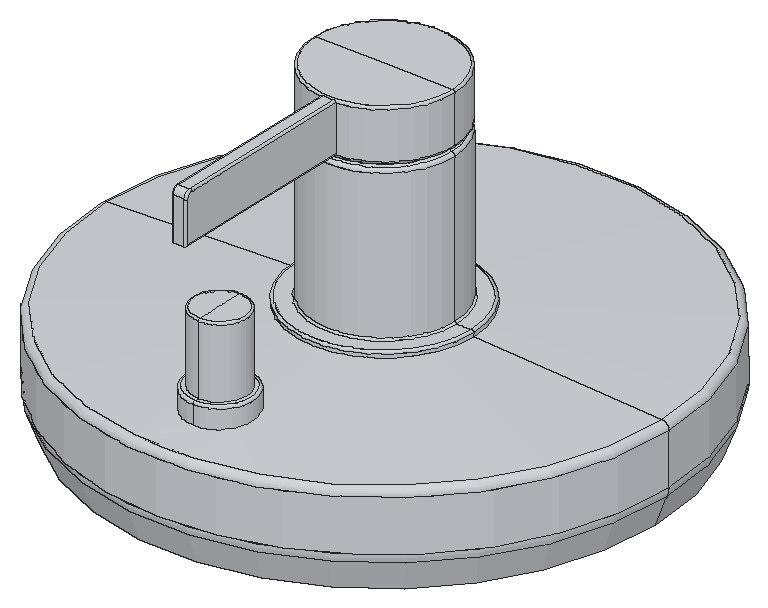
Revit family "Shower-Valve_Trim-KOHLER-Stillness-K-T1004", category Specialty Equipment, host Face, Revit 2015
Parameters (values of type "CP-Polished Chrome")
  Width = 6 3/8"  # constant formula
  WaterSense Certified = 1 = 0  # no
  URL = "https://www.us.kohler.com/us/"
  Type = 1
  Product Page URL = "http://www.us.kohler.com/us/catalog/productDetails.jsp?productNumber=T1004-4"
  Product Name = "Stillness"  # constant formula
  Product Documentation Link = "https://www.us.kohler.com/webassets/kpna/catalog/pdf/en/K-T1004-4_spec.pdf"
  Model = if(Type = 1, "K-T1004-4-CP", if(Type = 2, "K-T1004-4-BN", "NA"))  # "K-T1004-4-CP"
  Material = "Premium Material Construction"  # constant formula
  MasterFormat 2004 = "10.28.13"  # constant formula
  MasterFormat 1995 = "10820"  # constant formula
  Manufacturer Address = "444 Highland Dr, Kohler, WI 53044"  # constant formula
  Manufacturer = "KOHLER Co."  # constant formula
  Length = 3 9/16"  # constant formula
  Height = 6 3/8"  # constant formula
  Handle Clearance = 2 7/8"  # constant formula
  Finish = Kohler-Metal-CP-Polished_Chrome
  Environmental Product Declaration = ""
  Description = "Shower handle trim with diverter - valve, bath spout and shower head not included"  # constant formula
  Default Elevation = 42"
  Declare Label = ""
  Date Modified = "4/23/2019"  # constant formula
  Date Created = "4/23/2019"  # constant formula
  Copyright = "Copyright KOHLER Co."  # constant formula
  Contact Us = "https://www.us.kohler.com/us/static/contact.jsp"
  Assembly Code = "C1030200"
  ADA Compliant = 1 = 1  # yes
Types (3): name | Type | Model | Finish
  (no name) | 1 | "K-T1004-4-CP" | Kohler-Metal-CP-Polished_Chrome
  CP-Polished Chrome | 1 | "K-T1004-4-CP" | Kohler-Metal-CP-Polished_Chrome
  BN-Vibrant Brushed Nickel | 2 | "K-T1004-4-BN" | Kohler-Metal-BN-Vibrant_Brushed_Nickel
Reference planes (in)
  plane 1 "Center (Front/Back)": y = 0
  plane 2: z = 0
  plane 3 "Center (Left/Right)": x = 0
  plane 4: y = 3.1875
  plane 5: y = -3.1875
  plane 6: x = 3.1875
  plane 7: y = -2.875
  plane 8: x = -3.1875
  plane 9: z = 3.5625
Dimensions and locks (in)
  "Height": plane 5 to plane 4
  "Width": plane 8 to plane 6
  "Handle Clearance": plane 1 "Center (Front/Back)" to plane 7
  "Length": plane 9 to level
  aligned and locked: host face to plane 2
  aligned and locked: host face to level
Automatic sketch dimensions
  host sketch curve to host sketch curve = 96"  (x2)
Nested families (in)
  nested 1: "K-T1004" at (0, 0, 0), type "K-T1004"
Definition of nested family "K-T1004"
  Parameters (values of type "K-T1004")
    Material = none
  Reference planes (in)
    plane 1 "Center (Front/Back)": y = 0
    plane 2: z = 0
    plane 3 "Center (Left/Right)": x = 0
    plane 4: z = 3.5625
    plane 5: y = -3.1875
    plane 6: y = 3.1875
    plane 7: y = -2.875
    plane 8: x = 3.1875
    plane 9: x = -3.1875
  Forms (in)
    Revolve 1, solid, material <- "Material", detail levels medium+fine
      sketch origin (0, 0, 0) x (1, 0, 0) y (0, 0, 1)
        loop
          line (3.0448, 0) -> (3.17014, 0.32653)
          arc (3.17014, 0.32653) -> (3.18312, 0.37257) -> (3.1875, 0.4202) r 0.26139
          line (3.1875, 0.4202) -> (3.1875, 0.99149)
          arc (3.1875, 0.99149) -> (3.16534, 1.04785) -> (3.11074, 1.07403) r 0.08275
          arc (3.11074, 1.07403) -> (2.05617, 1.13613) -> (1.0003, 1.16928) r 38.51589
          line (1.0003, 1.16928) -> (1.0003, 1.20473)
          arc (1.0003, 1.20473) -> (0.99274, 1.22297) -> (0.97449, 1.23053) r 0.02581
          line (0.97449, 1.23053) -> (0.80813, 1.23053)
          arc (0.80813, 1.23053) -> (0.79429, 1.23626) -> (0.78856, 1.2501) r 0.01957
          line (0.78856, 1.2501) -> (0.78856, 2.90109)
          arc (0.78856, 2.90109) -> (0.77696, 2.92707) -> (0.74987, 2.93579) r 0.03491
          arc (0.74987, 2.93579) -> (0.73362, 2.94102) -> (0.72666, 2.95661) r 0.02094
          line (0.72666, 2.95661) -> (0.72666, 2.99303) -> (0.76787, 2.99303)
          arc (0.76787, 2.99303) -> (0.78217, 2.99896) -> (0.78809, 3.01326) r 0.02023
          line (0.78809, 3.01326) -> (0.78809, 3.53763)
          arc (0.78809, 3.53763) -> (0.78081, 3.55522) -> (0.76322, 3.5625) r 0.02487
          line (0.76322, 3.5625) -> (0, 3.5625) -> (0, 0) -> (3.0448, 0)
        axis (0, 0) -> (0, 3.5625)
      angle from 0 to 360
    Sweep 2, solid, material <- "Material", detail levels medium+fine
      path origin (0, 0, -0.00391) x (0, 1, 0) y (0, 0, 1)
        loop
          line (-0.76254, 3.50415) -> (-2.79972, 3.50415)
          arc (-2.79972, 3.50415) -> (-2.8141, 3.49819) -> (-2.82006, 3.48381) r 0.02034
          line (-2.82006, 3.48381) -> (-2.82006, 3.06134) -> (-0.76254, 3.06134)
      profile origin (0, -1.78113, 3.50024) x (0, 0, -1) y (1, 0, 0)
        loop
          line (0, 0.07962) -> (-0.0333, 0.07962)
          arc (-0.0333, 0.07962) -> (-0.04825, 0.07343) -> (-0.05445, 0.05848) r 0.02114
          line (-0.05445, 0.05848) -> (-0.05445, -0.05967)
          arc (-0.05445, -0.05967) -> (-0.0486, -0.07378) -> (-0.0345, -0.07962) r 0.01995
          line (-0.0345, -0.07962) -> (0, -0.07962) -> (0, 0.07962)
    Extrusion 3, solid, material <- "Material", detail levels medium+fine
      sketch origin (0, 0, -0.00391) x (0, 1, 0) y (0, 0, 1)
        loop
          line (-0.76254, 3.06134) -> (-0.76254, 3.50415) -> (-2.79972, 3.50415)
          arc (-2.79972, 3.50415) -> (-2.8141, 3.49819) -> (-2.82006, 3.48381) r 0.02034
          line (-2.82006, 3.48381) -> (-2.82006, 3.06134) -> (-0.76254, 3.06134)
      from -0.07962 to 0.07962
    Revolve 4, solid, material <- "Material", detail levels medium+fine
      sketch origin (0, 0, 0) x (0, 1, 0) y (0, 0, 1)
        loop
          line (-2.67449, 1.08504) -> (-2.3, 1.08504) -> (-2.3, 2.13251) -> (-2.57961, 2.13251)
          arc (-2.57961, 2.13251) -> (-2.59399, 2.12655) -> (-2.59995, 2.11217) r 0.02034
          line (-2.59995, 2.11217) -> (-2.59995, 1.34001) -> (-2.64586, 1.34001)
          arc (-2.64586, 1.34001) -> (-2.6661, 1.33162) -> (-2.67449, 1.31138) r 0.02863
          line (-2.67449, 1.31138) -> (-2.67449, 1.08504)
        axis (-2.3, 2.13251) -> (-2.3, 1.08504)
      angle from 0 to 360
    Revolve 5, solid, material <- "Material", detail levels coarse
      sketch origin (0, 0, 0) x (0, 1, 0) y (0, 0, 1)
        loop
          line (0, 0) -> (3.1875, 0) -> (3.1875, 1.24626) -> (0.78856, 1.24626) -> (0.78856, 3.5625) -> (0, 3.5625) -> (0, 0)
        axis (0, 3.5625) -> (0, 0)
      angle from 0 to 360
    Revolve 6, solid, material <- "Material", detail levels coarse
      sketch origin (0, 0, 0) x (0, 1, 0) y (0, 0, 1)
        loop
          line (-2.3, 2.13251) -> (-2.3, 1.07403) -> (-1.92546, 1.07403) -> (-1.92546, 1.34001) -> (-2.00005, 1.34001) -> (-2.00005, 2.13251) -> (-2.3, 2.13251)
        axis (-2.3, 2.13251) -> (-2.3, 1.07403)
      angle from 0 to 360
    Extrusion 7, solid, material <- "Material", detail levels coarse
      sketch origin (0, 0, 0) x (0, 1, 0) y (0, 0, 1)
        loop
          line (-0.0535, 2.99303) -> (-0.0535, 3.56201) -> (-2.875, 3.56201) -> (-2.875, 2.99303) -> (-0.0535, 2.99303)
      from -0.07962 to 0.07962
  Cuts and joins
    joined: Revolve 1, Sweep 2, Extrusion 3, Revolve 4
    joined: Revolve 5, Revolve 6, Extrusion 7
  Lines and regions (in)
    Masking region 1
      outline origin (0, 0, 0) x (1, 0, 0) y (0, 1, 0)
        loop
          arc (-3.1875, 0) -> (-2.2539, -2.2539) -> (0, -3.1875) r 3.1875
          arc (0, -3.1875) -> (2.2539, -2.2539) -> (3.1875, 0) r 3.1875
          arc (3.1875, 0) -> (2.2539, 2.2539) -> (0, 3.1875) r 3.1875
          arc (0, 3.1875) -> (-2.2539, 2.2539) -> (-3.1875, 0) r 3.1875
    Masking region 2
      outline origin (0, 0, 0) x (1, 0, 0) y (0, 0, 1)
        loop
          line (3.0448, 0) -> (3.17014, 0.32653)
          arc (3.17014, 0.32653) -> (3.18312, 0.37257) -> (3.1875, 0.4202) r 0.26139
          line (3.1875, 0.4202) -> (3.1875, 0.99149)
          arc (3.1875, 0.99149) -> (3.16534, 1.04785) -> (3.11074, 1.07403) r 0.08275
          arc (3.11074, 1.07403) -> (2.05617, 1.13613) -> (1.0003, 1.16928) r 38.51589
          line (1.0003, 1.16928) -> (1.0003, 1.20473)
          arc (1.0003, 1.20473) -> (0.99274, 1.22297) -> (0.97449, 1.23053) r 0.02581
          line (0.97449, 1.23053) -> (0.80813, 1.23053)
          arc (0.80813, 1.23053) -> (0.79429, 1.23626) -> (0.78856, 1.2501) r 0.01957
          line (0.78856, 1.2501) -> (0.78856, 2.93553) -> (0.74675, 2.93553)
          arc (0.74675, 2.93553) -> (0.73254, 2.94141) -> (0.72666, 2.95562) r 0.02009
          line (0.72666, 2.95562) -> (0.72666, 2.99303) -> (0.76771, 2.99303)
          arc (0.76771, 2.99303) -> (0.78212, 2.999) -> (0.78809, 3.01342) r 0.02038
          line (0.78809, 3.01342) -> (0.78809, 3.53763)
          arc (0.78809, 3.53763) -> (0.78081, 3.55522) -> (0.76322, 3.5625) r 0.02487
          line (0.76322, 3.5625) -> (-0.76322, 3.5625)
          arc (-0.76322, 3.5625) -> (-0.78081, 3.55522) -> (-0.78809, 3.53763) r 0.02487
          line (-0.78809, 3.53763) -> (-0.78809, 3.01342)
          arc (-0.78809, 3.01342) -> (-0.78212, 2.999) -> (-0.76771, 2.99303) r 0.02038
          line (-0.76771, 2.99303) -> (-0.72666, 2.99303) -> (-0.72666, 2.95562)
          arc (-0.72666, 2.95562) -> (-0.73254, 2.94141) -> (-0.74675, 2.93553) r 0.02009
          line (-0.74675, 2.93553) -> (-0.78856, 2.93553) -> (-0.78856, 1.2501)
          arc (-0.78856, 1.2501) -> (-0.79429, 1.23626) -> (-0.80813, 1.23053) r 0.01957
          line (-0.80813, 1.23053) -> (-0.97449, 1.23053)
          arc (-0.97449, 1.23053) -> (-0.99274, 1.22297) -> (-1.0003, 1.20473) r 0.02581
          line (-1.0003, 1.20473) -> (-1.0003, 1.16928)
          arc (-1.0003, 1.16928) -> (-2.05617, 1.13613) -> (-3.11074, 1.07403) r 38.51589
          arc (-3.11074, 1.07403) -> (-3.16534, 1.04785) -> (-3.1875, 0.99149) r 0.08275
          line (-3.1875, 0.99149) -> (-3.1875, 0.4202)
          arc (-3.1875, 0.4202) -> (-3.18312, 0.37257) -> (-3.17014, 0.32653) r 0.26139
          line (-3.17014, 0.32653) -> (-3.0448, 0) -> (3.0448, 0)
    Masking region 3
      outline origin (0, 0, 0) x (0, 1, 0) y (0, 0, 1)
        loop
          line (3.0448, 0) -> (3.17014, 0.32653)
          arc (3.17014, 0.32653) -> (3.18312, 0.37257) -> (3.1875, 0.4202) r 0.26139
          line (3.1875, 0.4202) -> (3.1875, 0.99149)
          arc (3.1875, 0.99149) -> (3.16534, 1.04785) -> (3.11074, 1.07403) r 0.08275
          arc (3.11074, 1.07403) -> (2.05617, 1.13613) -> (1.0003, 1.16928) r 38.51589
          line (1.0003, 1.16928) -> (1.0003, 1.20473)
          arc (1.0003, 1.20473) -> (0.99274, 1.22297) -> (0.97449, 1.23053) r 0.02581
          line (0.97449, 1.23053) -> (0.80813, 1.23053)
          arc (0.80813, 1.23053) -> (0.79429, 1.23626) -> (0.78856, 1.2501) r 0.01957
          line (0.78856, 1.2501) -> (0.78856, 2.93553) -> (0.74675, 2.93553)
          arc (0.74675, 2.93553) -> (0.73254, 2.94141) -> (0.72666, 2.95562) r 0.02009
          line (0.72666, 2.95562) -> (0.72666, 2.99303) -> (0.76771, 2.99303)
          arc (0.76771, 2.99303) -> (0.78212, 2.999) -> (0.78809, 3.01342) r 0.02038
          line (0.78809, 3.01342) -> (0.78809, 3.53763)
          arc (0.78809, 3.53763) -> (0.78081, 3.55522) -> (0.76322, 3.5625) r 0.02487
          line (0.76322, 3.5625) -> (-2.78557, 3.5625)
          arc (-2.78557, 3.5625) -> (-2.84881, 3.53631) -> (-2.875, 3.47307) r 0.08943
          line (-2.875, 3.47307) -> (-2.875, 2.99303) -> (-0.72666, 2.99303) -> (-0.72666, 2.95562)
          arc (-0.72666, 2.95562) -> (-0.73254, 2.94141) -> (-0.74675, 2.93553) r 0.02009
          line (-0.74675, 2.93553) -> (-0.78856, 2.93553) -> (-0.78856, 1.2501)
          arc (-0.78856, 1.2501) -> (-0.79429, 1.23626) -> (-0.80813, 1.23053) r 0.01957
          line (-0.80813, 1.23053) -> (-0.97449, 1.23053)
          arc (-0.97449, 1.23053) -> (-0.99274, 1.22297) -> (-1.0003, 1.20473) r 0.02581
          line (-1.0003, 1.20473) -> (-1.0003, 1.16928)
          arc (-1.0003, 1.16928) -> (-1.46296, 1.15832) -> (-1.92546, 1.1418) r 38.51589
          line (-1.92546, 1.1418) -> (-1.92546, 1.30964)
          arc (-1.92546, 1.30964) -> (-1.93435, 1.33112) -> (-1.95582, 1.34001) r 0.03037
          line (-1.95582, 1.34001) -> (-2.00005, 1.34001) -> (-2.00005, 2.11119)
          arc (-2.00005, 2.11119) -> (-2.0063, 2.12627) -> (-2.02137, 2.13251) r 0.02132
          line (-2.02137, 2.13251) -> (-2.57863, 2.13251)
          arc (-2.57863, 2.13251) -> (-2.5937, 2.12627) -> (-2.59995, 2.11119) r 0.02132
          line (-2.59995, 2.11119) -> (-2.59995, 1.34001) -> (-2.64418, 1.34001)
          arc (-2.64418, 1.34001) -> (-2.66565, 1.33112) -> (-2.67454, 1.30964) r 0.03037
          line (-2.67454, 1.30964) -> (-2.67454, 1.10324)
          arc (-2.67454, 1.10324) -> (-2.89268, 1.08925) -> (-3.11074, 1.07403) r 38.51589
          arc (-3.11074, 1.07403) -> (-3.16534, 1.04785) -> (-3.1875, 0.99149) r 0.08275
          line (-3.1875, 0.99149) -> (-3.1875, 0.4202)
          arc (-3.1875, 0.4202) -> (-3.18312, 0.37257) -> (-3.17014, 0.32653) r 0.26139
          line (-3.17014, 0.32653) -> (-3.0448, 0) -> (3.0448, 0)
    symbolic lines, detail levels medium+fine
      curve 1: circle (0, 0, 0) r 3.11497 normal (0, 0, 1)
      curve 2: arc (0.07962, -0.99712, 0) -> (0, 1.0003, 0) -> (-0.07962, -0.99712, 0) r 1.0003
      curve 3: circle (0, 0, 0) r 0.78856 normal (0, 0, 1)
      curve 4: line (-0.07962, -0.78453, 0) -> (-0.07962, -2.86962, 0)
      curve 5: line (0.07472, -2.875, 0) -> (-0.07424, -2.875, 0)
      curve 6: line (0.07962, -0.78453, 0) -> (0.07962, -2.8701, 0)
      curve 7: arc (-0.07424, -2.875, 0) -> (-0.07804, -2.87342, 0) -> (-0.07962, -2.86962, 0) r 0.00538
      curve 8: arc (0.07962, -2.8701, 0) -> (0.07818, -2.87357, 0) -> (0.07472, -2.875, 0) r 0.0049
      curve 9: arc (0.07962, -2.66592, 0) -> (0.37449, -2.3, 0) -> (0.07962, -1.93408, 0) r 0.37449
      curve 10: arc (0.07962, -2.58919, 0) -> (0.29995, -2.3, 0) -> (0.07962, -2.01081, 0) r 0.29995
      curve 11: arc (-0.07962, -2.01081, 0) -> (-0.29995, -2.3, 0) -> (-0.07962, -2.58919, 0) r 0.29995
      curve 12: arc (-0.07962, -1.93408, 0) -> (-0.37449, -2.3, 0) -> (-0.07962, -2.66592, 0) r 0.37449
      curve 13: line (0.72666, 0, 2.99303) -> (-0.72666, 0, 2.99303)
      curve 14: line (0.74675, 0, 2.93553) -> (-0.74675, 0, 2.93553)
      curve 15: line (0.80813, 0, 1.23053) -> (-0.80813, 0, 1.23053)
      curve 16: line (1.0003, 0, 1.16928) -> (-1.0003, 0, 1.16928)
      curve 17: line (3.11074, 0, 1.07403) -> (-3.11074, 0, 1.07403)
      curve 18: line (3.17014, 0, 0.32653) -> (-3.17014, 0, 0.32653)
      curve 19: line (0, 0.80813, 1.23053) -> (0, -0.80813, 1.23053)
      curve 20: line (0, 1.0003, 1.16928) -> (0, -1.0003, 1.16928)
      curve 21: line (0, 3.11074, 1.07403) -> (0, -3.11074, 1.07403)
      curve 22: line (0, -2.00005, 1.34001) -> (0, -2.59995, 1.34001)
      curve 23: line (0, 0.72666, 2.99303) -> (0, -0.78856, 2.99303)
      curve 24: line (0, 0.74675, 2.93553) -> (0, -0.74675, 2.93553)
      curve 25: line (0, 3.17014, 0.32653) -> (0, -3.17014, 0.32653)
      curve 26: arc (0, -1.92546, 1.1418) -> (0, -2.3002, 1.12712) -> (0, -2.67446, 1.10324) r 15.26312
      curve 27: line (0, -0.78856, 2.99303) -> (0, -0.78856, 3.5625)
  Dimensions and locks (in)
    aligned and locked: plane 2 to level
